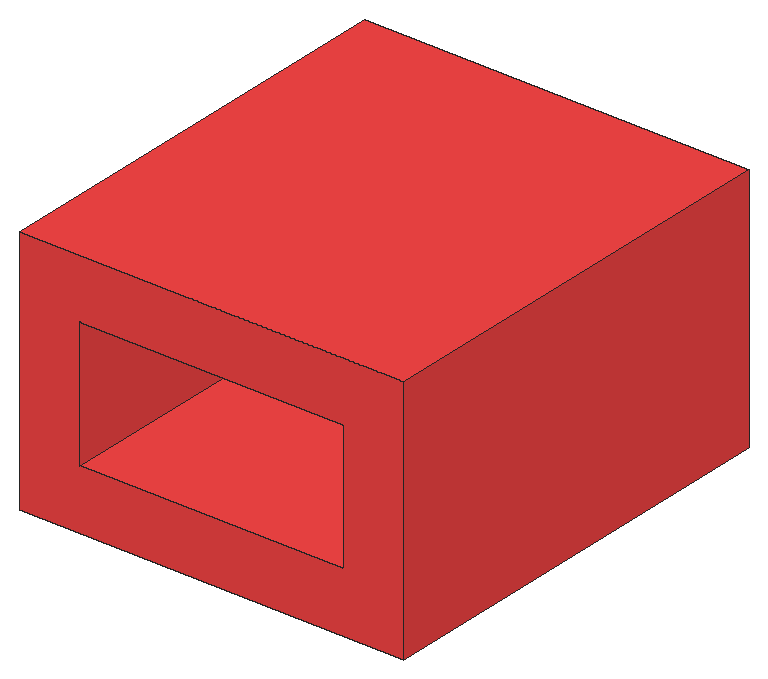
Revit family "FF109 Vent Duct Fire Sleeve - Rectanglular", category Specialty Equipment, Revit 2015
Parameters (values of type "Duct size - 110 x 54")
  Width = 110 mm
  Wall Width [instance] = 130 mm
  URL = "https://www.tenmat.com/passive-fire-protection"
  Tenmat Item Number = ""
  Youtube clip = "https://www.youtube.com/watch?v=UilzKMgu3Qs"
  Protrusion_Length [instance] = if(Ablative Fire Batts, 40 mm, 25 mm)  # 40 mm
  Length_Calc [instance] = if(Length < 180 mm, if(Length > 50 mm, Length, 50 mm), 180 mm)  # 180 mm
  Height = 54 mm
  Conduit Material Suitability = "HDEP, UPVC, PVC,"
  Performance = "BS EN 1366-3:2009 & BS 476, ETA-12/0332, 1224-CPR-0341, CE Marked"
  Model = ""
  Material = "Intumescent Sealant"
  Manufacturer = "Tenmat ltd"
  Length [instance] = Wall Width + Protrusion_Length * 2  # 210 mm
  IFC Classification = "Building Element Proxy"
  Description = "FireFly 109 Vent Duct Fire Sleeve"
  Thickness [instance] = 25 mm
  Assembly Code = ""
  Ablative Fire Batts [instance] = yes
Types (5, lengths in mm): name | Width | Height | Thickness
  Duct size - 110 x 54 | 110 | 54 | 25
  Duct size - 204 x 60 | 204 | 60 | 25
  Duct size - 220 x 90 | 220 | 90 | 30
  Duct size - 234 x 29 | 234 | 29 | 25
  Duct size - 308 x 29 | 308 | 29 | 25
Reference planes
  plane 1 "Center (Front/Back)": y = 0
  plane 2: z = 0
  plane 3 "Center (Left/Right)": x = 0
  plane 4 "Back": y = 90
  plane 5 "Front": y = -90
  plane 6: y = 0.5
  plane 7: x = -55
  plane 8: x = 55
  plane 9: z = 27
  plane 10: z = -27
  plane 11: x = 80
  plane 12: x = -80
  plane 13: z = -52
  plane 14: z = 52
Forms (mm)
  Extrusion 1, solid, material "Tenmat"
    sketch origin (0, 0, 0) x (1, 0, 0) y (0, 0, 1)
      loop
        line (-55, 27) -> (-55, -27) -> (55, -27) -> (55, 27) -> (-55, 27)
      loop
        line (-80, -52) -> (80, -52) -> (80, 52) -> (-80, 52) -> (-80, -52)
    from -90 to 90
Dimensions and locks
  equal spacing: plane 4 "Back", plane 1 "Center (Front/Back)", plane 5 "Front"
  "Length_Calc": plane 4 "Back" to plane 5 "Front"
  equal spacing: plane 7, plane 3 "Center (Left/Right)", plane 8
  "Width": plane 7 to plane 8
  "Thickness": plane 11 to plane 8
  "Thickness": plane 14 to plane 9
  "Thickness": plane 10 to plane 13
  "Thickness": plane 12 to plane 7
  equal spacing: plane 9, level, plane 10
  "Height": plane 9 to plane 10
  aligned and locked: level to plane 2
  aligned and locked: Extrusion 1 sketch curve to plane 7
  aligned and locked: Extrusion 1 sketch curve to plane 8
  aligned and locked: Extrusion 1 sketch curve to plane 9
  aligned and locked: Extrusion 1 sketch curve to plane 10
  aligned and locked: plane 5 "Front" to Extrusion 1
  aligned and locked: plane 4 "Back" to Extrusion 1
  aligned and locked: Extrusion 1 sketch curve to plane 11
  aligned and locked: Extrusion 1 sketch curve to plane 14
  aligned and locked: Extrusion 1 sketch curve to plane 12
  aligned and locked: Extrusion 1 sketch curve to plane 13
